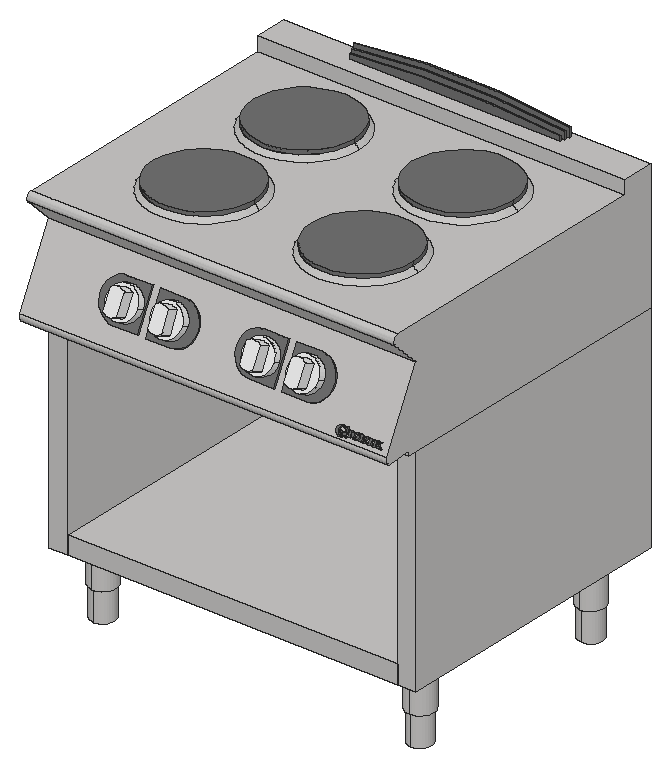
Revit family "QF_GIORIK_CE74TG", category Specialty Equipment, Revit 2014
Parameters (values of type "CE74TG")
  Weight in Pounds = 198.4158
  Watts = 10400 W
  Volts = 400 V
  URL Cutsheet = "www.giorik.com"
  URL = "www.giorik.com"
  Status [instance] = ""
  Specification by User [instance] = ""
  Specification by Manufacturer = ""
  Show Logo [instance] = yes
  Show Clearance [instance] = yes
  Serial Number = ""
  Seismic Rating = ""
  SMACNA No = ""
  Revision Code [instance] = ""
  Phase = 3
  Number of Poles [instance] = 3
  NAFEM Spec ID Number = ""
  Model = "CE74TG"
  Min Ckt Ampacity = 0 A
  Max Overcurrent Protection = 0 A
  Masterspec = ""
  Manufacturer = "GIORIK"
  Item Number [instance] = ""
  Installed By [instance] = ""
  Identify Quantity as Lot [instance] = no
  HP = "13.946608000000"
  Furnished By [instance] = ""
  Foodservice Equipment Identifier [instance] = yes
  FL Amps = 0 A
  Electrical Remarks [instance] = ""
  Electric Connection Type [instance] = ""
  Elec Conn RI Height [instance] = 0 mm
  Elec Conn Connection Height [instance] = 150 mm
  Description = "4 ELECTRIC ROUND PLATE HOB ON OPEN BASE UNIT"
  Cycle = 50 Hz
  Conn Plug = ""
  CSI MasterFormat = ""
  Assembly Code = "E1090320"
  Apparent Power = 10400 VA
Reference planes
  plane 1 "Back": y = 0
  plane 2: z = 0
  plane 3 "Left": x = 0
  plane 4 "Right": x = 800
  plane 5 "Front": y = -720
  plane 6 "Top": z = 900
Forms (mm)
  Extrusion 1, solid, visible <- "Show Logo"
    sketch origin (591.604, -736.761, 609.486) x (-1, 0, 0) y (0, 0.452718, 0.891654)
      loop
        line (-118.824, 58.358) -> (-127.804, 58.358) -> (-125.523, 56.445) -> (-125.523, 48.027) -> (-127.804, 46.113) -> (-118.824, 46.113) -> (-121.105, 48.027) -> (-121.105, 56.445) -> (-118.824, 58.358)
      loop
        line (-163.721, 58.358) -> (-172.7, 58.358) -> (-170.42, 56.445) -> (-170.42, 48.027) -> (-172.7, 46.113) -> (-163.721, 46.113) -> (-166.001, 48.027) -> (-166.001, 56.445) -> (-163.721, 58.358)
      loop
        line (-174.332, 58.358) -> (-183.312, 58.358) -> (-181.031, 56.445) -> (-181.031, 52.435) -> (-186.419, 56.955) -> (-184.416, 58.358) -> (-191.268, 58.358) -> (-188.01, 56.839) -> (-185.455, 54.283) -> (-190.846, 47.858) -> (-193.396, 46.93) -> (-193.396, 46.113) -> (-184.416, 46.113) -> (-185.437, 47.571) -> (-182.443, 51.552) -> (-181.031, 50.894) -> (-181.031, 48.027) -> (-183.312, 46.113) -> (-174.332, 46.113) -> (-176.613, 48.027) -> (-176.613, 56.445) -> (-174.332, 58.358)
      loop
        line (-115.429, 62.063) -> (-115.429, 54.198)
        arc (-115.429, 54.198) -> (-111.618, 57.803) -> (-106.847, 59.986) r 16.039
        arc (-106.847, 59.986) -> (-103.314, 59.837) -> (-100.512, 57.68) r 5.851
        arc (-100.512, 57.68) -> (-98.815, 52.267) -> (-100.512, 46.853) r 9.479
        arc (-100.512, 46.853) -> (-102.406, 44.986) -> (-104.846, 43.93) r 7.236
        arc (-104.846, 43.93) -> (-107.728, 44.111) -> (-110.052, 45.825) r 5.11
        line (-110.052, 45.825) -> (-110.052, 52.001) -> (-116.141, 52.001) -> (-116.141, 45.503) -> (-117.893, 43.751) -> (-114.094, 44.769)
        arc (-114.094, 44.769) -> (-112.56, 44.947) -> (-111.129, 44.366) r 3.115
        arc (-111.129, 44.366) -> (-104.216, 42.091) -> (-97.303, 44.366) r 11.641
        arc (-97.303, 44.366) -> (-93.396, 52.107) -> (-97.303, 59.849) r 9.622
        arc (-97.303, 59.849) -> (-104.369, 62.174) -> (-111.435, 59.849) r 11.898
        line (-111.435, 59.849) -> (-115.429, 62.063)
      loop
        arc (-129.234, 56.068) -> (-135.893, 58.628) -> (-142.552, 56.068) r 9.941
        arc (-142.552, 56.068) -> (-144.234, 52.286) -> (-142.552, 48.505) r 5.093
        arc (-142.552, 48.505) -> (-135.893, 45.945) -> (-129.234, 48.505) r 9.941
        arc (-129.234, 48.505) -> (-127.552, 52.286) -> (-129.234, 56.068) r 5.093
      loop
        arc (-132.628, 54.403) -> (-135.893, 57.668) -> (-139.158, 54.403) r 3.265
        line (-139.158, 54.403) -> (-139.158, 50.169)
        arc (-139.158, 50.169) -> (-135.893, 46.904) -> (-132.628, 50.169) r 3.265
        line (-132.628, 50.169) -> (-132.628, 54.403)
      loop
        arc (-156.363, 58.365) -> (-159.647, 55.081) -> (-156.363, 51.796) r 3.285
        line (-156.363, 51.796) -> (-159.529, 47.306) -> (-162.087, 46.113) -> (-155.847, 46.113) -> (-153.529, 51.083) -> (-150.637, 51.083) -> (-150.637, 47.784) -> (-153.022, 46.113) -> (-144.011, 46.113) -> (-146.094, 47.68) -> (-146.094, 56.493) -> (-144.229, 58.365) -> (-156.363, 58.365)
      loop
        line (-150.637, 57.512) -> (-153.637, 57.512)
        arc (-153.637, 57.512) -> (-156.237, 54.912) -> (-153.637, 52.312) r 2.6
        line (-153.637, 52.312) -> (-150.637, 52.312) -> (-150.637, 57.512)
      loop
        line (-108.924, 52.001) -> (-104.936, 49.005) -> (-100.948, 52.001) -> (-108.924, 52.001)
    from 1.5 to -0.5
  Extrusion 2, solid
    sketch origin (-16, 1025.81, 0) x (1, 0, 0) y (0, 1, 0)
      loop
        line (25, -1086.81) -> (25, -1156.81) -> (115, -1156.81) -> (115, -1086.81) -> (25, -1086.81)
    from 148 to 150
  Extrusion 3, solid
    sketch origin (-4, 0, 130) x (1, 0, 0) y (0, 1, 0)
      loop
        circle (54, -385) r 12.5
    from 0 to 20
  Extrusion 4, solid
    sketch origin (0, 1000, -20) x (0, 1, 0) y (0, 0, 1)
      loop
        line (-1000, 919.988) -> (-1070, 919.988) -> (-1070, 889.988) -> (-1688.806, 889.988)
        arc (-1688.806, 889.988) -> (-1699.151, 883.075) -> (-1696.724, 870.873) r 11.197
        line (-1696.724, 870.873) -> (-1640.876, 815.025) -> (-1718.948, 661.258)
        arc (-1718.948, 661.258) -> (-1718.233, 650.105) -> (-1708.118, 645.354) r 10.981
        line (-1708.118, 645.354) -> (-1660, 649.925) -> (-1660, 640) -> (-1000, 640) -> (-1000, 919.988)
    from 0 to 800
  Extrusion 5, solid
    sketch origin (0, 0, 599.536) x (1, 0, 0) y (0, 1, 0)
      loop
        line (0, -640) -> (40, -640) -> (40, -40) -> (760, -40) -> (760, -640) -> (800, -640) -> (800, 0) -> (0, 0) -> (0, -640)
    from -449.536 to 20.464
  Extrusion 6, solid
    sketch origin (0, 0, 0) x (1, 0, 0) y (0, 1, 0)
      loop
        line (40, -40) -> (40, -640) -> (760, -640) -> (760, -40) -> (40, -40)
    from 150 to 190
  Extrusion 7, solid
    sketch origin (-16, 560.81, 0) x (1, 0, 0) y (0, 1, 0)
      loop
        line (25, -1086.81) -> (25, -1156.81) -> (115, -1156.81) -> (115, -1086.81) -> (25, -1086.81)
    from 148 to 150
  Revolve 8, solid
    sketch origin (54, 560.81, 0) x (0, 1, 0) y (0, 0, 1)
      loop
        line (-1092.56, 66) -> (-1092.56, 148) -> (-1121.81, 148) -> (-1121.81, 0) -> (-1096.81, 0) -> (-1096.81, 66) -> (-1092.56, 66)
      axis (-1121.81, 0) -> (-1121.81, 148)
    angle from 0 to 360
  Revolve 9, solid
    sketch origin (54, 1025.81, 0) x (0, 1, 0) y (0, 0, 1)
      loop
        line (-1092.56, 66) -> (-1092.56, 148) -> (-1121.81, 148) -> (-1121.81, 0) -> (-1096.81, 0) -> (-1096.81, 66) -> (-1092.56, 66)
      axis (-1121.81, 0) -> (-1121.81, 148)
    angle from 0 to 360
  Extrusion 10, solid
    sketch origin (816, 560.81, 0) x (-1, 0, 0) y (0, -1, 0)
      loop
        line (25, 1086.81) -> (115, 1086.81) -> (115, 1156.81) -> (25, 1156.81) -> (25, 1086.81)
    from 148 to 150
  Revolve 11, solid
    sketch origin (746, 560.81, 0) x (0, 1, 0) y (0, 0, -1)
      loop
        line (-1092.56, -66) -> (-1096.81, -66) -> (-1096.81, 0) -> (-1121.81, 0) -> (-1121.81, -148) -> (-1092.56, -148) -> (-1092.56, -66)
      axis (-1121.81, 0) -> (-1121.81, -148)
    angle from 0 to 360
  Extrusion 12, solid
    sketch origin (816, -1217.81, 0) x (-1, 0, 0) y (0, -1, 0)
      loop
        line (25, -1086.81) -> (25, -1156.81) -> (115, -1156.81) -> (115, -1086.81) -> (25, -1086.81)
    from 148 to 150
  Revolve 13, solid
    sketch origin (746, -1217.81, 0) x (0, -1, 0) y (0, 0, 1)
      loop
        line (-1092.56, 66) -> (-1092.56, 148) -> (-1121.81, 148) -> (-1121.81, 0) -> (-1096.81, 0) -> (-1096.81, 66) -> (-1092.56, 66)
      axis (-1121.81, 0) -> (-1121.81, 148)
    angle from 0 to 360
  Extrusion 14, solid
    sketch origin (-220.755, -963.345, 52.363) x (1, 0, 0) y (0, 0.452718, 0.891654)
      loop
        line (463.221, 676.25) -> (463.221, 766.25) -> (409.698, 766.25)
        arc (409.698, 766.25) -> (364.698, 721.25) -> (409.698, 676.25) r 45
        line (409.698, 676.25) -> (463.221, 676.25)
    from 48 to 50
  Extrusion 15, solid
    sketch origin (553.797, -1008.697, 74.959) x (-1, 0, 0) y (0, -0.45351, -0.891251)
      loop
        circle (351.331, -721.346) r 35
    from 0 to 15
  Extrusion 16, solid
    sketch origin (553.797, -1008.697, 74.959) x (-1, 0, 0) y (0, -0.45351, -0.891251)
      loop
        arc (336.331, -743.846) -> (351.331, -748.846) -> (366.331, -743.846) r 25
        line (366.331, -743.846) -> (366.331, -698.846)
        arc (366.331, -698.846) -> (351.331, -693.846) -> (336.331, -698.846) r 25
        line (336.331, -698.846) -> (336.331, -743.846)
    from 15 to 40
  Extrusion 17, solid
    sketch origin (723.221, -963.345, 52.363) x (-1, 0, 0) y (0, -0.452718, -0.891654)
      loop
        line (463.221, -676.25) -> (409.698, -676.25)
        arc (409.698, -676.25) -> (364.698, -721.25) -> (409.698, -766.25) r 45
        line (409.698, -766.25) -> (463.221, -766.25) -> (463.221, -676.25)
    from 48 to 50
  Extrusion 18, solid
    sketch origin (-51.331, -1008.697, 74.959) x (1, 0, 0) y (0, 0.45351, 0.891251)
      loop
        circle (351.331, 721.346) r 35
    from 0 to 15
  Extrusion 19, solid
    sketch origin (-51.331, -1008.697, 74.959) x (1, 0, 0) y (0, 0.45351, 0.891251)
      loop
        line (336.331, 743.846) -> (336.331, 698.846)
        arc (336.331, 698.846) -> (351.331, 693.846) -> (366.331, 698.846) r 25
        line (366.331, 698.846) -> (366.331, 743.846)
        arc (366.331, 743.846) -> (351.331, 748.846) -> (336.331, 743.846) r 25
    from 15 to 40
  Extrusion 20, solid
    sketch origin (76.779, -963.345, 52.363) x (1, 0, 0) y (0, 0.452718, 0.891654)
      loop
        line (463.221, 676.25) -> (463.221, 766.25) -> (409.698, 766.25)
        arc (409.698, 766.25) -> (364.698, 721.25) -> (409.698, 676.25) r 45
        line (409.698, 676.25) -> (463.221, 676.25)
    from 48 to 50
  Extrusion 21, solid
    sketch origin (851.331, -1008.697, 74.959) x (-1, 0, 0) y (0, -0.45351, -0.891251)
      loop
        circle (351.331, -721.346) r 35
    from 0 to 15
  Extrusion 22, solid
    sketch origin (851.331, -1008.697, 74.959) x (-1, 0, 0) y (0, -0.45351, -0.891251)
      loop
        arc (336.331, -743.846) -> (351.331, -748.846) -> (366.331, -743.846) r 25
        line (366.331, -743.846) -> (366.331, -698.846)
        arc (366.331, -698.846) -> (351.331, -693.846) -> (336.331, -698.846) r 25
        line (336.331, -698.846) -> (336.331, -743.846)
    from 15 to 40
  Extrusion 23, solid
    sketch origin (1020.755, -963.345, 52.363) x (-1, 0, 0) y (0, -0.452718, -0.891654)
      loop
        line (463.221, -676.25) -> (409.698, -676.25)
        arc (409.698, -676.25) -> (364.698, -721.25) -> (409.698, -766.25) r 45
        line (409.698, -766.25) -> (463.221, -766.25) -> (463.221, -676.25)
    from 48 to 50
  Extrusion 24, solid
    sketch origin (246.203, -1008.697, 74.959) x (1, 0, 0) y (0, 0.45351, 0.891251)
      loop
        circle (351.331, 721.346) r 35
    from 0 to 15
  Extrusion 25, solid
    sketch origin (246.203, -1008.697, 74.959) x (1, 0, 0) y (0, 0.45351, 0.891251)
      loop
        line (336.331, 743.846) -> (336.331, 698.846)
        arc (336.331, 698.846) -> (351.331, 693.846) -> (366.331, 698.846) r 25
        line (366.331, 698.846) -> (366.331, 743.846)
        arc (366.331, 743.846) -> (351.331, 748.846) -> (336.331, 743.846) r 25
    from 15 to 40
  Extrusion 26, solid
    sketch origin (36.031, 0, -10.001) x (1, 0, 0) y (0, 0, 1)
      loop
        line (135, 909.989) -> (592.969, 909.989) -> (592.969, 919.989) -> (440.969, 929.989) -> (287, 929.989) -> (135, 919.989) -> (135, 909.989)
    from 32 to 35
  Extrusion 27, solid
    sketch origin (38, 10, -10.001) x (1, 0, 0) y (0, 0, 1)
      loop
        line (594, 909.989) -> (594, 924.989) -> (440, 937.489) -> (284, 937.489) -> (130, 925.001) -> (130, 909.989) -> (594, 909.989)
    from 32 to 35
  Extrusion 28, solid
    sketch origin (40, 20, -10.001) x (1, 0, 0) y (0, 0, 1)
      loop
        line (595, 909.989) -> (595, 930.001) -> (439, 945.258) -> (281, 945.258) -> (125, 929.989) -> (125, 909.989) -> (595, 909.989)
    from 32 to 35
  Extrusion 29, solid
    sketch origin (37, 2.499, 864.988) x (0, 1, 0) y (-1, 0, 0)
      loop
        circle (-231.5, -189.999) r 110
    from 23 to 15
  Blend 30, solid
    base sketch origin (781.36, -820.005, 869.988) x (0, 1, 0) y (-1, 0, 0)
      loop
        circle (591.004, 554.361) r 120
    top sketch origin (781.36, -820.005, 900) x (0, 1, 0) y (-1, 0, 0)
      loop
        circle (591.004, 554.361) r 110
    from 0 to -20.012
  Extrusion 31, solid
    sketch origin (37, -733.501, 864.988) x (0, -1, 0) y (1, 0, 0)
      loop
        circle (-231.5, 189.999) r 110
    from 23 to 15
  Blend 32, solid
    base sketch origin (781.36, 89.003, 869.988) x (0, -1, 0) y (1, 0, 0)
      loop
        circle (591.004, -554.361) r 120
    top sketch origin (781.36, 89.003, 900) x (0, -1, 0) y (1, 0, 0)
      loop
        circle (591.004, -554.361) r 110
    from 0 to -20.012
  Extrusion 33, solid
    sketch origin (763, 2.499, 864.988) x (0, 1, 0) y (-1, 0, 0)
      loop
        circle (-231.5, 189.999) r 110
    from 23 to 15
  Blend 34, solid
    base sketch origin (18.64, -820.005, 869.988) x (0, 1, 0) y (-1, 0, 0)
      loop
        circle (591.004, -554.361) r 120
    top sketch origin (18.64, -820.005, 900) x (0, 1, 0) y (-1, 0, 0)
      loop
        circle (591.004, -554.361) r 110
    from 0 to -20.012
  Extrusion 35, solid
    sketch origin (763, -733.501, 864.988) x (0, -1, 0) y (1, 0, 0)
      loop
        circle (-231.5, -189.999) r 110
    from 23 to 15
  Blend 36, solid
    base sketch origin (18.64, 89.003, 869.988) x (0, -1, 0) y (1, 0, 0)
      loop
        circle (591.004, 554.361) r 120
    top sketch origin (18.64, 89.003, 900) x (0, -1, 0) y (1, 0, 0)
      loop
        circle (591.004, 554.361) r 110
    from 0 to -20.012
Lines and regions (mm)
  symbolic lines, style "200-EquipBorder-2D"
    curve 1: line (0, -720, 0) -> (800, -720, 0)
    curve 2: line (800, -720, 0) -> (800, 0, 0)
    curve 3: line (800, 0, 0) -> (0, 0, 0)
    curve 4: line (0, 0, 0) -> (0, -720, 0)
  symbolic lines, style "200-EquipInternal-2D"
    curve 5: line (0, -70, 900) -> (800, -70, 900)
    curve 6: line (165, -12, 900) -> (635, -12, 900)
    curve 7: line (635, -12, 900) -> (635, -15, 900)
    curve 8: line (635, -15, 900) -> (165, -15, 900)
    curve 9: line (165, -15, 900) -> (165, -12, 900)
    curve 10: line (168, -22, 900) -> (632, -22, 900)
    curve 11: line (632, -22, 900) -> (632, -25, 900)
    curve 12: line (632, -25, 900) -> (168, -25, 900)
    curve 13: line (168, -25, 900) -> (168, -22, 900)
    curve 14: line (171.031, -32, 900) -> (629, -32, 900)
    curve 15: line (629, -32, 900) -> (629, -35, 900)
    curve 16: line (629, -35, 900) -> (171.031, -35, 900)
    curve 17: line (171.031, -35, 900) -> (171.031, -32, 900)
    curve 18: circle (227, -229.001, 900) r 120 normal (0, 0, 1)
    curve 19: circle (227, -229.001, 900) r 109.999 normal (0, 0, 1)
    curve 20: circle (227, -502.001, 900) r 109.999 normal (0, 0, 1)
    curve 21: circle (227, -502.001, 900) r 119.999 normal (0, 0, 1)
    curve 22: circle (573, -229.001, 900) r 120 normal (0, 0, -1)
    curve 23: circle (573, -229.001, 900) r 109.999 normal (0, 0, -1)
    curve 24: circle (573, -502.001, 900) r 109.999 normal (0, 0, -1)
    curve 25: circle (573, -502.001, 900) r 119.999 normal (0, 0, -1)
Dimensions and locks
  plane 3 "Left" to plane 4 "Right" = 800 mm
  plane 5 "Front" to plane 1 "Back" = 720 mm
  plane 4 "Right" to plane 3 "Left" = 800 mm
  plane 1 "Back" to plane 5 "Front" = 720 mm
  plane 6 "Top" to level = 900 mm  (x2)
  aligned and locked: level to plane 2
Connectors
  electrical at (50, -385, 130), driven by "Apparent Power", driven by "Volts", driven by "Number of Poles"
    settings: on Extrusion 3, index 1, voltage 400 V, apparent load 0 VA, apparent load phase1 10400 VA, apparent load phase2 0 VA, apparent load phase3 0 VA, power factor 1, load classification "Other", number of poles 3, system type 31, power factor state 1, is connector primary yes, connector utility no, sub classification motor no, connector description "Electrical connection"
